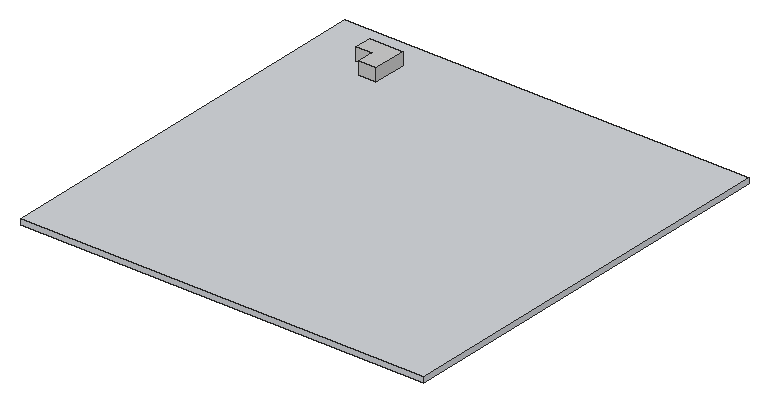
Revit family
Parameters (values of type "L Joiner/Feeder")
  URL = "www.lightingservicesinc.com/product.asp?productID=140"
  Suspension Length Note = "Distance from mounting surface to bottom of track"
  Suspension Length [instance] = 1' - 6"
  Surface Track Suspension Length Note = "for Surface Track, Suspension Length = 1 7/16\""
  Model Date = "26 March 2010"
  Model = "32X05"
  Mfr. Catalog # = ""
  Manufacturer = "Lighting Services Inc. "
  LSI Track Finish [instance] = LSI Track Finish
  Keynote = "26 55 59"
  Description = "120/250V 2 Ckt L Joiner/Feeder"
  Default Elevation = 4' - 0"
  Assembly Code = "D5020200"
Reference planes (in)
  plane 1 "Center (Front/Back)": y = 0
  plane 2: z = 0
  plane 3 "Center (Left/Right)": x = 0
  plane 4: x = -2.59375
  plane 5: y = 2.5863
  plane 6: y = -2.5863
  plane 7: y = 0.90625
  plane 8: y = -0.90625
  plane 9: x = -0.90625
  plane 10: x = 0.90625
  plane 11: z = 16.6875
  plane 12: z = 18
Forms (in)
  Extrusion 1, solid
    sketch origin (0, 0, 0) x (1, 0, 0) y (0, 1, 0)
      loop
        line (-26.09375, 27.09375) -> (-26.09375, -15.91751) -> (16.59127, -15.91751) -> (16.59127, 27.09375) -> (-26.09375, 27.09375)
    from 0 to -0.5
  Extrusion 2, solid, material "LSI Track Finish" <- "LSI Track Finish", detail levels medium+fine
    sketch origin (0, 0, 0) x (1, 0, 0) y (0, 1, 0)
      loop
        line (-2.59375, 0.90625) -> (-2.59375, -0.90625) -> (-0.90625, -0.90625) -> (-0.90625, -2.5863) -> (0.90625, -2.5863) -> (0.90625, 0.90625) -> (-2.59375, 0.90625)
    from 16.6875 to 18
Dimensions and locks (in)
  locked: plane 12 to plane 11 at 1.3125
  "Suspension Length": plane 12 to plane 2
  equal spacing: plane 7, plane 1 "Center (Front/Back)", plane 8, locked at 0.90625 each
  locked: plane 7 to plane 8 at 1.8125
  equal spacing: plane 9, plane 3 "Center (Left/Right)", plane 10, locked at 0.90625 each
  locked: plane 9 to plane 10 at 1.8125
  equal spacing: plane 5, plane 1 "Center (Front/Back)", plane 6, locked at 2.5863 each
  locked: plane 5 to plane 6 at 5.1726
  aligned and locked: plane 2 to Extrusion 1
  aligned and locked: level to Extrusion 1
  aligned and locked: plane 12 to Extrusion 2
  aligned and locked: Extrusion 2 to plane 11
  aligned and locked: plane 3 "Center (Left/Right)" to nested 1
  aligned and locked: plane 1 "Center (Front/Back)" to nested 1
Automatic sketch dimensions
  Extrusion 1 sketch curve to Extrusion 1 sketch curve = 3' - 6.68502"
  Extrusion 1 sketch curve to Extrusion 1 sketch curve = 3' - 7.01126"
  Extrusion 2 sketch curve to plane 4 = 0' - 0"
  Extrusion 2 sketch curve to plane 6 = 0' - 0"
  Extrusion 2 sketch curve to plane 9 = 0' - 0"
  Extrusion 2 sketch curve to plane 8 = 0' - 0"
  Extrusion 2 sketch curve to plane 7 = 0' - 0"
  Extrusion 2 sketch curve to plane 10 = 0' - 0"
Nested families (in)
  nested 1: "LSI L Joiner Plan View Symbol" at (63.06131, -9.84847, 0), type "L"
Connectors (in)
  electrical at (-1.75, -0.90625, 17.34375)
    settings: on Extrusion 2, index 2
  electrical at (-0.84375, 0.90625, 17.34375)
    settings: on Extrusion 2, index 3
Definition of nested family "LSI L Joiner Plan View Symbol"
  Parameters (values of type "L")
    Assembly Code = ""
  Reference planes (in)
    plane 1 "Center (Front/Back)": y = 9.84847
    plane 2: z = 0
    plane 3 "Center (Left/Right)": x = -63.06131
    plane 4: y = 10.75472
    plane 5: y = 8.94222
    plane 6: x = -63.96756
    plane 7: x = -62.15506
    plane 8: x = -65.65506
    plane 9: y = 7.25472
  Lines and regions (in)
    detail lines, in view "Ref. Level"
      curve 1: line (-65.65506, 10.75472, 0) -> (-62.15506, 10.75472, 0)
      curve 2: line (-62.15506, 10.75472, 0) -> (-62.15506, 7.25472, 0)
      curve 3: line (-62.15506, 7.25472, 0) -> (-63.96756, 7.25472, 0)
      curve 4: line (-63.96756, 7.25472, 0) -> (-63.96756, 8.94222, 0)
      curve 5: line (-63.96756, 8.94222, 0) -> (-65.65506, 8.94222, 0)
      curve 6: line (-65.65506, 8.94222, 0) -> (-65.65506, 10.75472, 0)
  Dimensions and locks (in)
    locked: plane 4 to plane 5 at 1.8125
    equal spacing: plane 4, plane 1 "Center (Front/Back)", plane 5
    equal spacing: plane 6, plane 3 "Center (Left/Right)", plane 7
    locked: plane 6 to plane 7 at 1.8125
    locked: plane 8 to plane 3 "Center (Left/Right)" at 2.59375
    aligned and locked: plane 6 to curve 4
    aligned and locked: curve 1 to plane 4
    aligned and locked: plane 8 to curve 6
    aligned and locked: curve 2 to plane 7
  Automatic sketch dimensions
    curve 3 to plane 9 = 0' - 0"
    curve 6 to plane 5 = 0' - 0"
